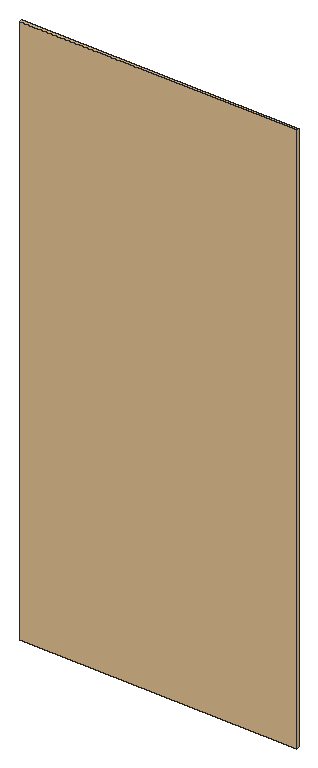
Revit family "American Walnut Veneer Circles", category Generic Models, Revit 2017
Family settings
  Can host rebar = No
  Round Connector Dimension = Use Diameter
  Part Type = Normal
  Work Plane-Based = No
  Always vertical = Yes
  Cut with Voids When Loaded = No
  Shared = Yes
  Room Calculation Point = No
Parameters (values of type "2400 x 1200")
  Raw Finish Code = "EX24 AW-CIR"  # constant formula
  Material = none
  URL = "https://www.easycraft.com.au/products/253/expression-series"
  Panel_width = 1200 mm  # constant formula
  Panel_thickness = 10 mm  # constant formula
  Model = "Expression Series - Circles"  # constant formula
  Manufacturer = "Easycraft Australia Pty Ltd ph 07 3906 7200"  # constant formula
  Panel_height = 2400 mm  # constant formula
  Description = "American Walnut Veneer"  # constant formula
  Clear Finish Code = "EX24 AW-CIR-CF"  # constant formula
  Assembly Code = ""
Reference planes
  plane 1 "Center (Front/Back)": y = 0
  plane 2: z = 0
  plane 3 "Center (Left/Right)": x = 0
  plane 4 "Panel face": y = -10
  plane 5: z = 2400
Forms (mm)
  Extrusion 1, solid, material "American Walnut Veneer"
    sketch origin (0, 0, 0) x (1, 0, 0) y (0, 1, 0)
      loop
        line (0, 0) -> (0, -10) -> (1200, -10) -> (1200, 0) -> (0, 0)
    from 0 to 2400
Lines and regions (mm)
  model lines, style "easycraft expressions pattern"
    curve 1: circle (341.97, -10, 1294.19) r 253.912 normal (0, -1, 0)
    curve 2: circle (680.52, -10, 1648.34) r 221.288 normal (0, -1, 0)
    curve 3: circle (598.12, -10, 430.57) r 213.856 normal (0, -1, 0)
    curve 4: circle (925.01, -10, 1322.83) r 180.794 normal (0, -1, 0)
    curve 5: circle (816.13, -10, 840.4) r 176.893 normal (0, -1, 0)
    curve 6: circle (493.43, -10, 903.62) r 139.799 normal (0, -1, 0)
    curve 7: circle (1010.29, -10, 1826.35) r 139.799 normal (0, -1, 0)
    curve 8: circle (351.75, -10, 1946.22) r 139.799 normal (0, -1, 0)
    curve 9: circle (878.16, -10, 2203.52) r 139.799 normal (0, -1, 0)
    curve 10: circle (344.44, -10, 680.58) r 122.332 normal (0, -1, 0)
    curve 11: arc (796.047, -10, 2400) -> (889.1, -10, 2352.883) -> (982.153, -10, 2400) r 115.447
    curve 12: circle (936.95, -10, 432.06) r 111.864 normal (0, -1, 0)
    curve 13: circle (887.69, -10, 142.73) r 111.669 normal (0, -1, 0)
    curve 14: circle (263.65, -10, 438.99) r 106.653 normal (0, -1, 0)
    curve 15: arc (989.924, -10, 2400) -> (1083.75, -10, 2253.832) -> (1177.576, -10, 2400) r 103.198
    curve 16: circle (1096.1, -10, 2071.56) r 102.885 normal (0, -1, 0)
    curve 17: circle (101.53, -10, 2072.49) r 100.994 normal (0, -1, 0)
    curve 18: circle (350.01, -10, 1684.04) r 100.406 normal (0, -1, 0)
    curve 19: circle (682, -10, 1156.88) r 99.335 normal (0, -1, 0)
    curve 20: circle (249.86, -10, 927.87) r 97.717 normal (0, -1, 0)
    curve 21: circle (809.48, -10, 1960.75) r 87.661 normal (0, -1, 0)
    curve 22: circle (192.19, -10, 2313.52) r 83.468 normal (0, -1, 0)
    curve 23: circle (165.49, -10, 1669.12) r 76.396 normal (0, -1, 0)
    curve 24: circle (989.71, -10, 1031.58) r 71.905 normal (0, -1, 0)
    curve 25: circle (566.08, -10, 2009.8) r 70 normal (0, -1, 0)
    curve 26: circle (990.65, -10, 1577.16) r 69.938 normal (0, -1, 0)
    curve 27: circle (922.46, -10, 615.56) r 66.095 normal (0, -1, 0)
    curve 28: circle (1131.4, -10, 1006.89) r 64.735 normal (0, -1, 0)
    curve 29: circle (256.55, -10, 2146.13) r 61.797 normal (0, -1, 0)
    curve 30: circle (81.46, -10, 1003.36) r 61.666 normal (0, -1, 0)
    curve 31: circle (846.72, -10, 1086.64) r 59.98 normal (0, -1, 0)
    curve 32: circle (528.55, -10, 700.87) r 57.589 normal (0, -1, 0)
    curve 33: circle (707.76, -10, 2082.45) r 57.037 normal (0, -1, 0)
    curve 34: circle (681.91, -10, 160.71) r 52.796 normal (0, -1, 0)
    curve 35: circle (649.49, -10, 1367.19) r 50.736 normal (0, -1, 0)
    curve 36: circle (170.87, -10, 1868.27) r 50.557 normal (0, -1, 0)
    curve 37: circle (942.7, -10, 2015.33) r 49.881 normal (0, -1, 0)
    curve 38: circle (1058.04, -10, 200.43) r 47.277 normal (0, -1, 0)
    curve 39: circle (801.05, -10, 608.12) r 47.345 normal (0, -1, 0)
    curve 40: circle (194.24, -10, 292.7) r 46.093 normal (0, -1, 0)
    curve 41: circle (1074.45, -10, 1127.66) r 44.218 normal (0, -1, 0)
    curve 42: circle (636.89, -10, 690.35) r 44.11 normal (0, -1, 0)
    curve 43: circle (1152.37, -10, 1338.25) r 43.672 normal (0, -1, 0)
    curve 44: circle (240.93, -10, 1788.65) r 43.409 normal (0, -1, 0)
    curve 45: circle (838.13, -10, 300.34) r 41.86 normal (0, -1, 0)
    curve 46: circle (289.01, -10, 277.66) r 41.503 normal (0, -1, 0)
    curve 47: circle (671.43, -10, 1920.79) r 40.827 normal (0, -1, 0)
    curve 48: circle (47.21, -10, 1340.92) r 40.678 normal (0, -1, 0)
    curve 49: circle (196.57, -10, 141.2) r 39.226 normal (0, -1, 0)
    curve 50: circle (183.16, -10, 1542.83) r 38.603 normal (0, -1, 0)
    curve 51: circle (1143.55, -10, 1251.81) r 37.994 normal (0, -1, 0)
    curve 52: circle (364.41, -10, 320.16) r 37.7 normal (0, -1, 0)
    curve 53: circle (452.54, -10, 1793.72) r 37.689 normal (0, -1, 0)
    curve 54: circle (115.57, -10, 1102.8) r 37.174 normal (0, -1, 0)
    curve 55: circle (554.74, -10, 1083.91) r 36.965 normal (0, -1, 0)
    curve 56: circle (1037.12, -10, 926.81) r 36.732 normal (0, -1, 0)
    curve 57: circle (175.09, -10, 1049.81) r 36.307 normal (0, -1, 0)
    curve 58: circle (601.71, -10, 97.02) r 36.004 normal (0, -1, 0)
    curve 59: circle (615.13, -10, 1034.86) r 35.908 normal (0, -1, 0)
    curve 60: circle (40.22, -10, 1257.65) r 35.819 normal (0, -1, 0)
    curve 61: circle (522.4, -10, 1868.69) r 35.685 normal (0, -1, 0)
    curve 62: circle (1076.61, -10, 490.46) r 34.764 normal (0, -1, 0)
    curve 63: circle (126.05, -10, 490.9) r 34.662 normal (0, -1, 0)
    curve 64: circle (233.97, -10, 217.58) r 34.616 normal (0, -1, 0)
    curve 65: circle (218.87, -10, 577.75) r 33.836 normal (0, -1, 0)
    curve 66: circle (590.08, -10, 178.51) r 33.701 normal (0, -1, 0)
    curve 67: circle (689.19, -10, 1018.57) r 32.888 normal (0, -1, 0)
    curve 68: circle (105.86, -10, 1931.78) r 32.488 normal (0, -1, 0)
    curve 69: circle (1079.74, -10, 1653.73) r 31.811 normal (0, -1, 0)
    curve 70: circle (680.25, -10, 49.58) r 31.005 normal (0, -1, 0)
    curve 71: circle (247.38, -10, 1593.37) r 30.93 normal (0, -1, 0)
    curve 72: circle (593.33, -10, 1900.81) r 30.882 normal (0, -1, 0)
    curve 73: circle (165.88, -10, 2195.27) r 30.9 normal (0, -1, 0)
    curve 74: circle (610.16, -10, 767.59) r 30.366 normal (0, -1, 0)
    curve 75: circle (97.11, -10, 1824.77) r 30.288 normal (0, -1, 0)
    curve 76: circle (632.54, -10, 1283.12) r 29.964 normal (0, -1, 0)
    curve 77: circle (707.25, -10, 1292.63) r 29.496 normal (0, -1, 0)
    curve 78: circle (110.95, -10, 1763.52) r 28.123 normal (0, -1, 0)
    curve 79: circle (169.87, -10, 1954.96) r 27.825 normal (0, -1, 0)
    curve 80: circle (722.37, -10, 650.25) r 27.497 normal (0, -1, 0)
    curve 81: circle (102.55, -10, 2223.83) r 27.525 normal (0, -1, 0)
    curve 82: circle (983.15, -10, 288.05) r 27.357 normal (0, -1, 0)
    curve 83: circle (134.37, -10, 228.39) r 27.317 normal (0, -1, 0)
    curve 84: circle (761.84, -10, 1047.63) r 27.161 normal (0, -1, 0)
    curve 85: circle (1146.81, -10, 467.64) r 26.734 normal (0, -1, 0)
    curve 86: circle (436.85, -10, 1569.01) r 26.706 normal (0, -1, 0)
    curve 87: circle (356.12, -10, 1008.63) r 26.326 normal (0, -1, 0)
    curve 88: circle (750.61, -10, 79.43) r 26.195 normal (0, -1, 0)
    curve 89: circle (245.78, -10, 799.65) r 25.192 normal (0, -1, 0)
    curve 90: circle (921.8, -10, 284.91) r 25.088 normal (0, -1, 0)
    curve 91: circle (373.02, -10, 529.53) r 24.727 normal (0, -1, 0)
    curve 92: circle (171.13, -10, 535.65) r 24.446 normal (0, -1, 0)
    curve 93: circle (765.75, -10, 251.44) r 24.193 normal (0, -1, 0)
    curve 94: circle (986.18, -10, 30.69) r 23.972 normal (0, -1, 0)
    curve 95: circle (1102.01, -10, 1199.93) r 24.015 normal (0, -1, 0)
    curve 96: circle (939.89, -10, 1666.89) r 23.925 normal (0, -1, 0)
    curve 97: circle (848.74, -10, 546.8) r 23.193 normal (0, -1, 0)
    curve 98: circle (61.97, -10, 1675.2) r 23.073 normal (0, -1, 0)
    curve 99: circle (725.53, -10, 1395.94) r 22.944 normal (0, -1, 0)
    curve 100: circle (793.28, -10, 28.85) r 22.819 normal (0, -1, 0)
    curve 101: circle (1080.9, -10, 422.27) r 22.756 normal (0, -1, 0)
    curve 102: circle (81.86, -10, 2276.28) r 22.557 normal (0, -1, 0)
    curve 103: arc (751.006, -10, 2400) -> (770.61, -10, 2366.357) -> (790.214, -10, 2400) r 22.533
    curve 104: circle (29.68, -10, 471.39) r 22.365 normal (0, -1, 0)
    curve 105: circle (215.12, -10, 62.74) r 22.164 normal (0, -1, 0)
    curve 106: circle (164.83, -10, 1786.13) r 22.222 normal (0, -1, 0)
    curve 107: circle (1043.46, -10, 320.07) r 21.826 normal (0, -1, 0)
    curve 108: circle (338.48, -10, 835.37) r 21.331 normal (0, -1, 0)
    curve 109: circle (298.54, -10, 1568.95) r 20.463 normal (0, -1, 0)
    curve 110: circle (225.97, -10, 2056.57) r 20.513 normal (0, -1, 0)
    curve 111: circle (87.61, -10, 187.13) r 20.439 normal (0, -1, 0)
    curve 112: circle (805.89, -10, 2352.43) r 20.185 normal (0, -1, 0)
    curve 113: circle (593.79, -10, 1416.95) r 20.047 normal (0, -1, 0)
    curve 114: circle (673.25, -10, 1991.63) r 20 normal (0, -1, 0)
    curve 115: circle (342.67, -10, 2116.96) r 20 normal (0, -1, 0)
    curve 116: circle (758.62, -10, 2336.74) r 20 normal (0, -1, 0)
    curve 117: circle (150.09, -10, 354.56) r 19.585 normal (0, -1, 0)
    curve 118: circle (1059.72, -10, 369.37) r 19.336 normal (0, -1, 0)
    curve 119: circle (1028.66, -10, 119.21) r 19.213 normal (0, -1, 0)
    curve 120: circle (89.08, -10, 443.69) r 19.17 normal (0, -1, 0)
    curve 121: circle (720.77, -10, 1348.26) r 19.07 normal (0, -1, 0)
    curve 122: circle (87.46, -10, 1879.3) r 18.572 normal (0, -1, 0)
    curve 123: circle (80.13, -10, 1720.25) r 18.333 normal (0, -1, 0)
    curve 124: circle (48.03, -10, 1748.84) r 18.021 normal (0, -1, 0)
    curve 125: circle (136.02, -10, 164.58) r 17.393 normal (0, -1, 0)
    curve 126: circle (51.8, -10, 1851.62) r 16.801 normal (0, -1, 0)
    curve 127: circle (295.86, -10, 815.33) r 16.091 normal (0, -1, 0)
    curve 128: circle (233.42, -10, 1044.51) r 16.01 normal (0, -1, 0)
    curve 129: circle (66.07, -10, 1784.49) r 16 normal (0, -1, 0)
    curve 130: circle (135.25, -10, 403.53) r 15.74 normal (0, -1, 0)
    curve 131: circle (97.43, -10, 1165.22) r 15.435 normal (0, -1, 0)
    curve 132: circle (80.01, -10, 1206.6) r 15.148 normal (0, -1, 0)
    curve 133: circle (391.55, -10, 1567.4) r 14.756 normal (0, -1, 0)
    curve 134: circle (758.15, -10, 198.55) r 14.706 normal (0, -1, 0)
    curve 135: circle (735.84, -10, 2369.22) r 14.414 normal (0, -1, 0)
    curve 136: circle (721.42, -10, 229.16) r 14.188 normal (0, -1, 0)
    curve 137: circle (348.15, -10, 1567.01) r 13.383 normal (0, -1, 0)
    curve 138: circle (243.16, -10, 1545.09) r 13.069 normal (0, -1, 0)
    curve 139: arc (714.614, -10, 2400) -> (727.47, -10, 2385.779) -> (740.326, -10, 2400) r 12.921
    curve 140: circle (71.94, -10, 491.58) r 12.291 normal (0, -1, 0)
    curve 141: circle (506.98, -10, 1816.1) r 11.632 normal (0, -1, 0)
    curve 142: circle (473.42, -10, 1847.89) r 11.632 normal (0, -1, 0)
    curve 143: circle (524.31, -10, 1926.24) r 11.632 normal (0, -1, 0)
    curve 144: circle (479.19, -10, 2061.09) r 11.632 normal (0, -1, 0)
    curve 145: circle (138.22, -10, 1809.66) r 9.732 normal (0, -1, 0)
    curve 146: circle (143.48, -10, 1581.54) r 9.25 normal (0, -1, 0)
    curve 147: circle (269.94, -10, 1551.86) r 8.764 normal (0, -1, 0)
    curve 148: circle (53.24, -10, 1714.66) r 6.889 normal (0, -1, 0)
    curve 149: circle (204.45, -10, 1589.28) r 6.78 normal (0, -1, 0)
    curve 150: circle (57.26, -10, 1818.47) r 5.46 normal (0, -1, 0)
    curve 151: arc (1200, -10, 177.875) -> (1074.224, -10, 125.776) -> (1022.125, -10, 0) r 177.875
    curve 152: arc (0, -10, 194.643) -> (124.247, -10, 318.89) -> (0, -10, 443.137) r 124.247
    curve 153: arc (1200, -10, 443.137) -> (1075.753, -10, 318.89) -> (1200, -10, 194.643) r 124.247
    curve 154: arc (177.875, -10, 0) -> (125.776, -10, 125.776) -> (0, -10, 177.875) r 177.875
    curve 155: arc (263.787, -10, -1.44) -> (233.67, -10, 30.841) -> (202.08, -10, 0) r 30.87
    curve 156: arc (686.416, -10, 0) -> (608.57, -10, 32.515) -> (530.724, -10, 0) r 109.445
    curve 157: arc (524.109, -10, 0) -> (400.61, -10, 263.387) -> (277.111, -10, 0) r 160.647
    curve 158: arc (0, -10, 1067.132) -> (78.198, -10, 1145.33) -> (0, -10, 1223.528) r 78.198
    curve 159: arc (1200, -10, 1223.528) -> (1121.802, -10, 1145.33) -> (1200, -10, 1067.132) r 78.198
    curve 160: arc (0, -10, 1662.385) -> (43.485, -10, 1705.87) -> (0, -10, 1749.355) r 43.485
    curve 161: arc (1200, -10, 1749.355) -> (1156.515, -10, 1705.87) -> (1200, -10, 1662.385) r 43.485
    curve 162: arc (0, -10, 1751.946) -> (49.174, -10, 1801.12) -> (0, -10, 1850.294) r 49.174
    curve 163: arc (1200, -10, 1850.294) -> (1150.826, -10, 1801.12) -> (1200, -10, 1751.946) r 49.174
    curve 164: arc (0, -10, 1855.718) -> (69.262, -10, 1924.98) -> (0, -10, 1994.242) r 69.262
    curve 165: arc (1200, -10, 1994.242) -> (1130.738, -10, 1924.98) -> (1200, -10, 1855.718) r 69.262
    curve 166: arc (0, -10, 2154.469) -> (65.531, -10, 2220) -> (0, -10, 2285.531) r 65.531
    curve 167: arc (1200, -10, 2285.531) -> (1134.469, -10, 2220) -> (1200, -10, 2154.469) r 65.531
    curve 168: arc (0, -10, 498.712) -> (221.288, -10, 720) -> (0, -10, 941.288) r 221.288
    curve 169: arc (1200, -10, 941.288) -> (978.712, -10, 720) -> (1200, -10, 498.712) r 221.288
    curve 170: arc (0, -10, 1380.201) -> (139.799, -10, 1520) -> (0, -10, 1659.799) r 139.799
    curve 171: arc (1200, -10, 1659.799) -> (1060.201, -10, 1520) -> (1200, -10, 1380.201) r 139.799
    curve 172: arc (302.394, -10, 2400) -> (504.33, -10, 2088.212) -> (706.266, -10, 2400) r 221.288
    curve 173: arc (248.108, -10, 2400) -> (271.55, -10, 2380.63) -> (294.992, -10, 2400) r 23.87
    curve 174: arc (17.861, -10, 2400) -> (56.23, -10, 2305.003) -> (94.599, -10, 2400) r 55.247
Dimensions and locks
  "Panel_height": plane 5 to plane 2
  "Panel_thickness": plane 4 "Panel face" to plane 1 "Center (Front/Back)"
  "Panel_width": Extrusion 1 to plane 3 "Center (Left/Right)"
  aligned and locked: level to plane 2
  aligned and locked: Extrusion 1 to level
  aligned and locked: plane 4 "Panel face" to Extrusion 1
  aligned and locked: Extrusion 1 to plane 5
Automatic sketch dimensions
  Extrusion 1 sketch curve to plane 3 "Center (Left/Right)" = 0 mm
  plane 4 "Panel face" to Extrusion 1 sketch curve = 0 mm
  plane 1 "Center (Front/Back)" to Extrusion 1 sketch curve = 0 mm
  Extrusion 1 sketch curve to Extrusion 1 sketch curve = 1200 mm
  curve 158 to plane 3 "Center (Left/Right)" = 0 mm
  curve 160 to plane 3 "Center (Left/Right)" = 0 mm
  curve 170 to plane 3 "Center (Left/Right)" = 0 mm
  curve 168 to plane 3 "Center (Left/Right)" = 0 mm
  curve 166 to plane 3 "Center (Left/Right)" = 0 mm
  curve 152 to plane 3 "Center (Left/Right)" = 0 mm
  curve 164 to plane 3 "Center (Left/Right)" = 0 mm
  curve 162 to plane 3 "Center (Left/Right)" = 0 mm
  curve 154 to level = 0 mm
  curve 154 to plane 3 "Center (Left/Right)" = 0 mm
  curve 155 to level = 0 mm
  curve 157 to level = 0 mm  (x2)
  curve 156 to level = 0 mm  (x2)
  curve 151 to level = 0 mm
  plane 3 "Center (Left/Right)" to curve 104 = 29.68 mm
  plane 3 "Center (Left/Right)" to curve 60 = 40.22 mm
  plane 3 "Center (Left/Right)" to curve 48 = 47.21 mm
  plane 3 "Center (Left/Right)" to curve 124 = 48.03 mm
  plane 3 "Center (Left/Right)" to curve 126 = 51.8 mm
  curve 124 to curve 148 = 5.21 mm
  curve 126 to curve 150 = 5.46 mm
  curve 148 to curve 98 = 8.73 mm
  curve 150 to curve 129 = 8.81 mm
  curve 104 to curve 140 = 42.26 mm
  curve 60 to curve 132 = 39.79 mm
  curve 148 to curve 123 = 26.89 mm
  plane 3 "Center (Left/Right)" to curve 30 = 81.46 mm
  plane 3 "Center (Left/Right)" to curve 102 = 81.86 mm
  curve 126 to curve 122 = 35.66 mm
  plane 3 "Center (Left/Right)" to curve 111 = 87.61 mm
  curve 140 to curve 120 = 17.14 mm
  curve 150 to curve 75 = 39.85 mm
  curve 132 to curve 131 = 17.42 mm
  plane 3 "Center (Left/Right)" to curve 17 = 101.53 mm
  curve 102 to curve 81 = 20.69 mm
  curve 122 to curve 68 = 18.4 mm
  curve 129 to curve 78 = 44.88 mm
  curve 131 to curve 54 = 18.14 mm
  curve 140 to curve 63 = 54.11 mm
  curve 111 to curve 83 = 46.76 mm
  curve 120 to curve 130 = 46.17 mm
  curve 111 to curve 125 = 48.41 mm
  curve 75 to curve 145 = 41.11 mm
  curve 98 to curve 146 = 81.51 mm
  curve 130 to curve 117 = 14.84 mm
  curve 145 to curve 106 = 26.61 mm
  curve 146 to curve 23 = 22.01 mm
  curve 81 to curve 73 = 63.33 mm
  curve 68 to curve 79 = 64.01 mm
  curve 145 to curve 36 = 32.65 mm
  curve 63 to curve 92 = 45.08 mm
  curve 54 to curve 57 = 59.52 mm
  curve 146 to curve 50 = 39.68 mm
  curve 102 to curve 22 = 110.33 mm
  curve 117 to curve 40 = 44.15 mm
  curve 125 to curve 49 = 60.55 mm
  curve 50 to curve 149 = 21.29 mm
  curve 49 to curve 105 = 18.55 mm
  curve 92 to curve 65 = 47.74 mm
  curve 79 to curve 110 = 56.1 mm
  curve 155 to level = 0.02 mm
  curve 105 to curve 155 = 17.83 mm
  curve 57 to curve 128 = 58.33 mm
  curve 40 to curve 64 = 39.73 mm
  curve 106 to curve 44 = 76.1 mm
  curve 149 to curve 138 = 38.71 mm
  curve 65 to curve 89 = 26.91 mm
  curve 149 to curve 71 = 42.93 mm
  curve 128 to curve 20 = 16.44 mm
  curve 110 to curve 29 = 30.58 mm
  curve 130 to curve 14 = 128.4 mm
  curve 138 to curve 147 = 26.78 mm
  curve 64 to curve 46 = 55.04 mm
  curve 89 to curve 127 = 50.08 mm
  curve 147 to curve 109 = 28.6 mm
  curve 127 to curve 108 = 42.62 mm
  curve 147 to curve 1 = 72.03 mm
  curve 29 to curve 115 = 86.12 mm
  curve 127 to curve 10 = 48.58 mm
  curve 109 to curve 137 = 49.61 mm
  curve 137 to curve 18 = 1.86 mm
  curve 110 to curve 8 = 125.78 mm
  curve 128 to curve 87 = 122.7 mm
  curve 46 to curve 52 = 75.4 mm
  curve 14 to curve 91 = 109.37 mm
  curve 137 to curve 133 = 43.4 mm
  curve 105 to curve 157 = 185.49 mm
  curve 133 to curve 86 = 45.3 mm
  curve 18 to curve 53 = 102.53 mm
  curve 53 to curve 142 = 20.88 mm
  curve 115 to curve 144 = 136.52 mm
  curve 108 to curve 6 = 154.95 mm
  plane 5 to curve 172 = 90.5 mm
  curve 144 to curve 172 = 25.14 mm
  curve 142 to curve 141 = 33.56 mm
  curve 142 to curve 61 = 48.98 mm
  curve 61 to curve 143 = 1.91 mm
  curve 10 to curve 32 = 184.11 mm
  curve 6 to curve 55 = 61.31 mm
  curve 143 to curve 25 = 41.77 mm
  curve 157 to curve 66 = 189.47 mm
  curve 143 to curve 72 = 69.02 mm
  curve 86 to curve 113 = 156.94 mm
  curve 91 to curve 3 = 225.1 mm
  curve 66 to curve 58 = 11.63 mm
  curve 156 to level = 76.93 mm
  curve 58 to curve 156 = 6.86 mm
  curve 32 to curve 74 = 81.61 mm
  curve 55 to curve 59 = 60.39 mm
  curve 113 to curve 76 = 38.75 mm
  curve 74 to curve 42 = 26.73 mm
  curve 113 to curve 35 = 55.7 mm
  curve 72 to curve 47 = 78.1 mm
  curve 47 to curve 114 = 1.82 mm
  curve 58 to curve 70 = 78.54 mm
  curve 141 to curve 2 = 173.54 mm
  curve 66 to curve 34 = 91.83 mm
  curve 76 to curve 19 = 49.46 mm
  curve 59 to curve 67 = 74.06 mm
  curve 76 to curve 77 = 74.71 mm
  curve 114 to curve 33 = 34.51 mm
  curve 77 to curve 121 = 13.52 mm
  curve 34 to curve 136 = 39.51 mm
  curve 42 to curve 80 = 85.48 mm
  curve 121 to curve 99 = 4.76 mm
  plane 5 to curve 139 = 1.3 mm
  curve 172 to curve 139 = 223.14 mm
  curve 139 to curve 135 = 8.37 mm
  curve 70 to curve 88 = 70.36 mm
  curve 136 to curve 134 = 36.73 mm
  curve 135 to curve 116 = 22.78 mm
  curve 67 to curve 84 = 72.65 mm
  curve 136 to curve 93 = 44.33 mm
  level to curve 100 = 28.85 mm
  curve 88 to curve 100 = 42.67 mm
  curve 80 to curve 39 = 78.68 mm
  curve 116 to curve 112 = 47.27 mm
  curve 114 to curve 21 = 136.23 mm
  curve 80 to curve 5 = 93.76 mm
  curve 93 to curve 45 = 72.38 mm
  curve 84 to curve 31 = 84.88 mm
  curve 39 to curve 97 = 47.69 mm
  curve 112 to curve 9 = 72.27 mm
  curve 134 to curve 13 = 129.54 mm
  curve 11 to plane 5 = 68.33 mm
  curve 45 to curve 90 = 83.67 mm
  curve 97 to curve 27 = 73.72 mm
  curve 121 to curve 4 = 204.24 mm
  curve 97 to curve 12 = 88.21 mm
  curve 2 to curve 96 = 259.37 mm
  curve 21 to curve 37 = 133.22 mm
  curve 90 to curve 82 = 61.35 mm
  level to curve 94 = 30.69 mm
  curve 13 to curve 94 = 98.49 mm
  curve 31 to curve 24 = 142.99 mm
  curve 96 to curve 26 = 50.76 mm
  curve 96 to curve 7 = 70.4 mm
  curve 94 to curve 119 = 42.48 mm
  curve 24 to curve 56 = 47.41 mm
  curve 82 to curve 107 = 60.31 mm
  curve 119 to curve 38 = 29.38 mm
  curve 107 to curve 118 = 16.26 mm
  curve 24 to curve 41 = 84.74 mm
  curve 118 to curve 62 = 16.89 mm
  curve 26 to curve 69 = 89.09 mm
  curve 118 to curve 101 = 21.18 mm
  plane 5 to curve 15 = 42.97 mm
  curve 11 to curve 15 = 194.65 mm
  curve 37 to curve 16 = 153.4 mm
  curve 41 to curve 95 = 27.56 mm
  curve 56 to curve 28 = 94.28 mm
  curve 95 to curve 51 = 41.54 mm
  curve 62 to curve 85 = 70.2 mm
  curve 51 to curve 43 = 8.82 mm
  curve 69 to curve 163 = 120.26 mm
  curve 163 to curve 161 = 0 mm
  curve 95 to curve 159 = 97.99 mm
  curve 15 to curve 167 = 116.25 mm
  curve 118 to curve 153 = 140.28 mm
  curve 85 to curve 169 = 53.19 mm
  curve 153 to curve 151 = 0 mm
  curve 165 to curve 163 = 0 mm
  curve 161 to curve 171 = 0 mm
  level to curve 70 = 49.58 mm
  level to curve 105 = 62.74 mm
  curve 100 to curve 88 = 50.58 mm
  curve 70 to curve 58 = 47.44 mm
  level to curve 157 = 102.74 mm
  curve 94 to curve 119 = 88.52 mm
  curve 105 to curve 49 = 78.46 mm
  level to curve 13 = 142.73 mm
  curve 58 to curve 34 = 63.69 mm
  curve 49 to curve 125 = 23.38 mm
  curve 58 to curve 66 = 81.49 mm
  curve 125 to curve 111 = 22.55 mm
  curve 34 to curve 134 = 37.84 mm
  curve 119 to curve 38 = 81.22 mm
  curve 49 to curve 64 = 76.38 mm
  curve 111 to curve 83 = 41.26 mm
  curve 134 to curve 136 = 30.61 mm
  curve 136 to curve 93 = 22.28 mm
  curve 64 to curve 46 = 60.08 mm
  curve 13 to curve 90 = 142.18 mm
  curve 90 to curve 82 = 3.14 mm
  curve 64 to curve 40 = 75.12 mm
  curve 90 to curve 45 = 15.43 mm
  curve 38 to curve 153 = 118.46 mm
  curve 111 to curve 152 = 131.76 mm
  curve 82 to curve 107 = 32.02 mm
  curve 46 to curve 52 = 42.5 mm
  curve 40 to curve 117 = 61.86 mm
  curve 107 to curve 118 = 49.3 mm
  curve 117 to curve 130 = 48.97 mm
  curve 118 to curve 101 = 52.9 mm
  curve 136 to curve 3 = 201.41 mm
  curve 118 to curve 12 = 62.69 mm
  curve 130 to curve 14 = 35.46 mm
  curve 130 to curve 120 = 40.16 mm
  curve 101 to curve 85 = 45.37 mm
  curve 120 to curve 104 = 27.7 mm
  curve 101 to curve 62 = 68.19 mm
  curve 120 to curve 63 = 47.21 mm
  curve 104 to curve 140 = 20.19 mm
  curve 14 to curve 91 = 90.54 mm
  curve 63 to curve 92 = 44.75 mm
  curve 12 to curve 97 = 114.74 mm
  curve 92 to curve 65 = 42.1 mm
  curve 97 to curve 39 = 61.32 mm
  curve 97 to curve 27 = 68.76 mm
  curve 39 to curve 80 = 42.13 mm
  curve 91 to curve 10 = 151.05 mm
  curve 80 to curve 42 = 40.1 mm
  curve 42 to curve 32 = 10.52 mm
  curve 85 to curve 169 = 252.36 mm
  curve 140 to curve 168 = 228.42 mm
  curve 42 to curve 74 = 77.24 mm
  curve 10 to curve 89 = 119.07 mm
  curve 89 to curve 127 = 15.68 mm
  curve 127 to curve 108 = 20.04 mm
  curve 80 to curve 5 = 190.15 mm
  curve 108 to curve 6 = 68.25 mm
  curve 5 to curve 56 = 86.41 mm
  curve 127 to curve 20 = 112.54 mm
  curve 20 to curve 30 = 75.49 mm
  curve 56 to curve 28 = 80.08 mm
  curve 20 to curve 87 = 80.76 mm
  curve 5 to curve 67 = 178.17 mm
  curve 56 to curve 24 = 104.77 mm
  curve 67 to curve 59 = 16.29 mm
  curve 20 to curve 128 = 116.64 mm
  curve 67 to curve 84 = 29.06 mm
  curve 128 to curve 57 = 5.3 mm
  curve 59 to curve 55 = 49.05 mm
  curve 84 to curve 31 = 39.01 mm
  curve 57 to curve 54 = 52.99 mm
  curve 24 to curve 41 = 96.08 mm
  curve 41 to curve 159 = 17.67 mm
  curve 54 to curve 158 = 42.53 mm
  curve 84 to curve 19 = 109.25 mm
  curve 54 to curve 131 = 62.42 mm
  curve 41 to curve 95 = 72.27 mm
  curve 131 to curve 132 = 41.38 mm
  curve 95 to curve 51 = 51.88 mm
  curve 132 to curve 60 = 51.05 mm
  curve 19 to curve 76 = 126.24 mm
  curve 76 to curve 77 = 9.51 mm
  curve 128 to curve 1 = 249.68 mm
  curve 95 to curve 4 = 122.9 mm
  curve 51 to curve 43 = 86.44 mm
  curve 60 to curve 48 = 83.27 mm
  curve 77 to curve 121 = 55.63 mm
  curve 121 to curve 35 = 18.93 mm
  curve 121 to curve 99 = 47.68 mm
  curve 35 to curve 113 = 49.76 mm
  curve 43 to curve 171 = 181.75 mm
  curve 48 to curve 170 = 179.08 mm
  curve 170 to curve 50 = 22.83 mm
  curve 50 to curve 138 = 2.26 mm
  curve 138 to curve 147 = 6.77 mm
  curve 147 to curve 137 = 15.15 mm
  curve 137 to curve 133 = 0.39 mm
  curve 147 to curve 109 = 17.09 mm
  curve 133 to curve 86 = 1.61 mm
  curve 171 to curve 26 = 57.16 mm
  curve 50 to curve 146 = 38.71 mm
  curve 50 to curve 149 = 46.45 mm
  curve 149 to curve 71 = 4.09 mm
  curve 113 to curve 2 = 231.39 mm
  curve 26 to curve 69 = 76.57 mm
  curve 26 to curve 96 = 89.73 mm
  curve 149 to curve 23 = 79.84 mm
  curve 23 to curve 98 = 6.08 mm
  curve 137 to curve 18 = 117.03 mm
  curve 98 to curve 160 = 30.67 mm
  curve 69 to curve 161 = 52.14 mm
  curve 98 to curve 148 = 39.46 mm
  curve 148 to curve 123 = 5.59 mm
  curve 148 to curve 124 = 34.18 mm
  curve 123 to curve 78 = 43.27 mm
  curve 124 to curve 129 = 35.65 mm
  curve 78 to curve 106 = 22.61 mm
  curve 106 to curve 44 = 2.52 mm
  curve 18 to curve 53 = 109.68 mm
  curve 161 to curve 163 = 95.25 mm
  curve 129 to curve 162 = 16.63 mm
  curve 106 to curve 145 = 23.53 mm
  curve 53 to curve 141 = 22.38 mm
  curve 129 to curve 150 = 33.98 mm
  curve 150 to curve 75 = 6.3 mm
  curve 96 to curve 7 = 159.46 mm
  curve 141 to curve 142 = 31.79 mm
  curve 150 to curve 126 = 33.15 mm
  curve 145 to curve 36 = 58.61 mm
  curve 142 to curve 61 = 20.8 mm
  curve 126 to curve 122 = 27.68 mm
  curve 61 to curve 72 = 32.12 mm
  curve 72 to curve 47 = 19.98 mm
  curve 126 to curve 164 = 73.36 mm
  curve 163 to curve 165 = 123.86 mm
  curve 61 to curve 143 = 57.55 mm
  curve 122 to curve 68 = 52.48 mm
  curve 142 to curve 8 = 98.33 mm
  curve 68 to curve 79 = 23.18 mm
  curve 47 to curve 21 = 39.96 mm
  curve 47 to curve 114 = 70.84 mm
  curve 143 to curve 25 = 83.56 mm
  curve 21 to curve 37 = 54.58 mm
  curve 79 to curve 110 = 101.61 mm
  curve 25 to curve 144 = 51.29 mm
  curve 37 to curve 16 = 56.23 mm
  curve 110 to curve 17 = 15.92 mm
  curve 114 to curve 33 = 90.82 mm
  curve 110 to curve 115 = 60.39 mm
  curve 115 to curve 29 = 29.17 mm
  curve 29 to curve 73 = 49.14 mm
  plane 5 to curve 9 = 196.48 mm
  curve 73 to curve 166 = 24.73 mm
  curve 167 to curve 15 = 137.03 mm
  curve 73 to curve 81 = 28.56 mm
  curve 81 to curve 102 = 52.45 mm
  plane 5 to curve 22 = 86.48 mm
  plane 5 to curve 112 = 47.57 mm
  curve 135 to curve 139 = 29.48 mm
  curve 154 to curve 155 = 55.075 mm
  curve 154 to curve 155 = 24.206 mm
  curve 155 to level = 1.44 mm
  curve 155 to curve 157 = 13.324 mm
  curve 157 to curve 156 = 6.615 mm
  curve 94 to curve 151 = 35.945 mm
  curve 154 to curve 152 = 16.769 mm
  curve 151 to curve 153 = 16.769 mm
  curve 153 to curve 169 = 55.575 mm
  curve 104 to curve 168 = 27.322 mm
  curve 158 to curve 158 = 78.198 mm
  curve 159 to curve 159 = 78.198 mm
  curve 43 to curve 171 = 41.951 mm
  curve 48 to curve 170 = 39.281 mm
  curve 171 to curve 161 = 2.586 mm
  curve 170 to curve 160 = 2.586 mm
  curve 160 to curve 162 = 2.591 mm
  curve 161 to curve 163 = 2.591 mm
  curve 163 to curve 165 = 5.424 mm
  curve 162 to curve 164 = 5.424 mm
  curve 167 to curve 167 = 65.531 mm
  curve 166 to curve 166 = 65.531 mm
  curve 11 to curve 11 = 93.053 mm
  curve 135 to curve 103 = 34.77 mm
  curve 103 to curve 11 = 118.49 mm
  curve 116 to curve 135 = 32.48 mm
  plane 5 to curve 103 = 11.11 mm
  curve 173 to plane 5 = 4.5 mm
  curve 173 to curve 173 = 23.442 mm
  curve 173 to curve 172 = 7.402 mm
  plane 3 "Center (Left/Right)" to curve 174 = 56.23 mm
  plane 5 to curve 174 = 39.75 mm
  plane 3 "Center (Left/Right)" to curve 174 = 17.861 mm
  curve 22 to curve 173 = 79.36 mm
  curve 174 to plane 5 = 0 mm  (x2)
  curve 173 to plane 5 = 0 mm  (x2)
  curve 172 to plane 5 = 0 mm  (x2)
  curve 139 to plane 5 = 0 mm  (x2)
  curve 103 to plane 5 = 0 mm  (x2)
  curve 11 to plane 5 = 0 mm  (x2)
  curve 15 to plane 5 = 0 mm  (x2)
  radius of curve 1 = 253.912 mm
  radius of curve 2 = 221.288 mm
  radius of curve 3 = 213.856 mm
  radius of curve 4 = 180.794 mm
  radius of curve 5 = 176.893 mm
  radius of curve 6 = 139.799 mm
  radius of curve 7 = 139.799 mm
  radius of curve 8 = 139.799 mm
  radius of curve 9 = 139.799 mm
  radius of curve 10 = 122.332 mm
  radius of curve 12 = 111.864 mm
  radius of curve 13 = 111.669 mm
  radius of curve 14 = 106.653 mm
  radius of curve 15 = 103.198 mm
  radius of curve 16 = 102.885 mm
  radius of curve 17 = 100.994 mm
  radius of curve 18 = 100.406 mm
  radius of curve 19 = 99.335 mm
  radius of curve 20 = 97.717 mm
  radius of curve 21 = 87.661 mm
  radius of curve 22 = 83.468 mm
  radius of curve 23 = 76.396 mm
  radius of curve 24 = 71.905 mm
  radius of curve 25 = 70 mm
  radius of curve 26 = 69.938 mm
  radius of curve 27 = 66.095 mm
  radius of curve 28 = 64.735 mm
  radius of curve 29 = 61.797 mm
  radius of curve 30 = 61.666 mm
  radius of curve 31 = 59.98 mm
  radius of curve 32 = 57.589 mm
  radius of curve 33 = 57.037 mm
  radius of curve 34 = 52.796 mm
  radius of curve 35 = 50.736 mm
  radius of curve 36 = 50.557 mm
  radius of curve 37 = 49.881 mm
  radius of curve 38 = 47.277 mm
  radius of curve 39 = 47.345 mm
  radius of curve 40 = 46.093 mm
  radius of curve 41 = 44.218 mm
  radius of curve 42 = 44.11 mm
  radius of curve 43 = 43.672 mm
  radius of curve 44 = 43.409 mm
  radius of curve 45 = 41.86 mm
  radius of curve 46 = 41.503 mm
  radius of curve 47 = 40.827 mm
  radius of curve 48 = 40.678 mm
  radius of curve 49 = 39.226 mm
  radius of curve 50 = 38.603 mm
  radius of curve 51 = 37.994 mm
  radius of curve 52 = 37.7 mm
  radius of curve 53 = 37.689 mm
  radius of curve 54 = 37.174 mm
  radius of curve 55 = 36.965 mm
  radius of curve 56 = 36.732 mm
  radius of curve 57 = 36.307 mm
  radius of curve 58 = 36.004 mm
  radius of curve 59 = 35.908 mm
  radius of curve 60 = 35.819 mm
  radius of curve 61 = 35.685 mm
  radius of curve 62 = 34.764 mm
  radius of curve 63 = 34.662 mm
  radius of curve 64 = 34.616 mm
  radius of curve 65 = 33.836 mm
  radius of curve 66 = 33.701 mm
  radius of curve 67 = 32.888 mm
  radius of curve 68 = 32.488 mm
  radius of curve 69 = 31.811 mm
  radius of curve 70 = 31.005 mm
  radius of curve 71 = 30.93 mm
  radius of curve 72 = 30.882 mm
  radius of curve 73 = 30.9 mm
  radius of curve 74 = 30.366 mm
  radius of curve 75 = 30.288 mm
  radius of curve 76 = 29.964 mm
  radius of curve 77 = 29.496 mm
  radius of curve 78 = 28.123 mm
  radius of curve 79 = 27.825 mm
  radius of curve 80 = 27.497 mm
  radius of curve 81 = 27.525 mm
  radius of curve 82 = 27.357 mm
  radius of curve 83 = 27.317 mm
  radius of curve 84 = 27.161 mm
  radius of curve 85 = 26.734 mm
  radius of curve 86 = 26.706 mm
  radius of curve 87 = 26.326 mm
  radius of curve 88 = 26.195 mm
  radius of curve 89 = 25.192 mm
  radius of curve 90 = 25.088 mm
  radius of curve 91 = 24.727 mm
  radius of curve 92 = 24.446 mm
  radius of curve 93 = 24.193 mm
  radius of curve 94 = 23.972 mm
  radius of curve 95 = 24.015 mm
  radius of curve 96 = 23.925 mm
  radius of curve 97 = 23.193 mm
  radius of curve 98 = 23.073 mm
  radius of curve 99 = 22.944 mm
  radius of curve 100 = 22.819 mm
  radius of curve 101 = 22.756 mm
  radius of curve 102 = 22.557 mm
  radius of curve 103 = 22.533 mm
  radius of curve 104 = 22.365 mm
  radius of curve 105 = 22.164 mm
  radius of curve 106 = 22.222 mm
  radius of curve 107 = 21.826 mm
  radius of curve 108 = 21.331 mm
  radius of curve 109 = 20.463 mm
  radius of curve 110 = 20.513 mm
  radius of curve 111 = 20.439 mm
  radius of curve 112 = 20.185 mm
  radius of curve 113 = 20.047 mm
  radius of curve 114 = 20 mm
  radius of curve 115 = 20 mm
  radius of curve 116 = 20 mm
  radius of curve 117 = 19.585 mm
  radius of curve 118 = 19.336 mm
  radius of curve 119 = 19.213 mm
  radius of curve 120 = 19.17 mm
  radius of curve 121 = 19.07 mm
  radius of curve 122 = 18.572 mm
  radius of curve 123 = 18.333 mm
  radius of curve 124 = 18.021 mm
  radius of curve 125 = 17.393 mm
  radius of curve 126 = 16.801 mm
  radius of curve 127 = 16.091 mm
  radius of curve 128 = 16.01 mm
  radius of curve 129 = 16 mm
  radius of curve 130 = 15.74 mm
  radius of curve 131 = 15.435 mm
  radius of curve 132 = 15.148 mm
  radius of curve 133 = 14.756 mm
  radius of curve 134 = 14.706 mm
  radius of curve 135 = 14.414 mm
  radius of curve 136 = 14.188 mm
  radius of curve 137 = 13.383 mm
  radius of curve 138 = 13.069 mm
  radius of curve 139 = 12.921 mm
  radius of curve 140 = 12.291 mm
  radius of curve 141 = 11.632 mm
  radius of curve 142 = 11.632 mm
  radius of curve 143 = 11.632 mm
  radius of curve 144 = 11.632 mm
  radius of curve 145 = 9.732 mm
  radius of curve 146 = 9.25 mm
  radius of curve 147 = 8.764 mm
  radius of curve 148 = 6.889 mm
  radius of curve 149 = 6.78 mm
  radius of curve 150 = 5.46 mm
